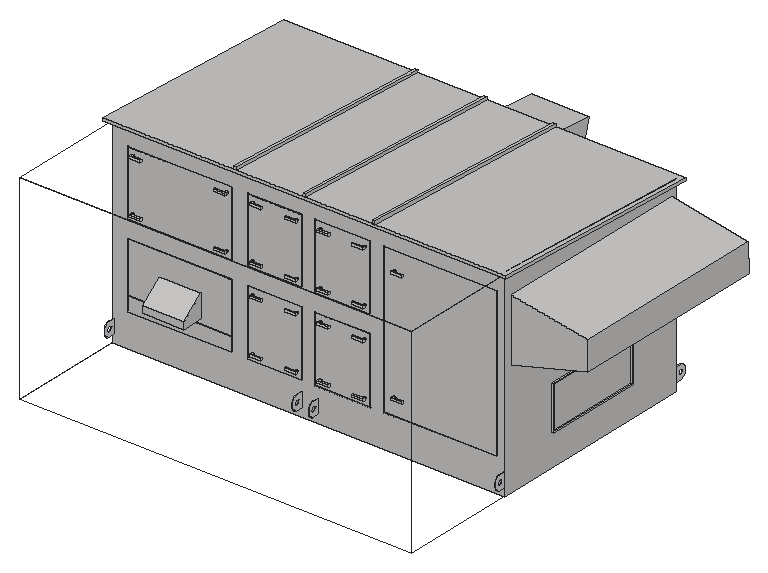
Revit family "DN-3RT-1FP-ECH", category Mechanical Equipment, Revit 2016
Family settings
  Part Type = Normal
  Round Connector Dimension = Use Diameter
  OmniClass Number = 23.75.00.00
  OmniClass Title = Climate Control (HVAC)
  Work Plane-Based = No
  Always vertical = Yes
  Cut with Voids When Loaded = No
  Shared = No
  Room Calculation Point = No
Parameters (values of type "2 @ 2.70 kW ea.")
  Voltage [instance] = "200-240 V"
  Unit Weight Range (lbs) [instance] = "3425-3950 lbs."
  Max. Shipping Weight (lbs) [instance] = "3650-4175 lbs."
  Unit Dimensions (L x W x H) [instance] = "174-7/8\" x 106-1/8\" x 75-1/8\""
  Shipping Dimensions (L x W x H) [instance] = "160\" x 90\" x 81\""
  Unit [instance] = Renewaire - Galvanized Steel
  URL = "www.renewaire.com"
  Typical Airflow Range = "750-3,300 CFM"
  Standard Features [instance] = "EC Motors for both airstreams, Direct drive backward inclined plenum, Higher ESP of up to 2.5\" w.g. at 3,000 CFM, Integrated programmable controls, True 100% face and bypass enthalpy based modulating economizer, Class 1 low leakage motorized isolation dampers, Stainless steel double-sloped drain pan with cooling option, 1\" Double wall foam injected 20 gauge galvanized panel construction with R6.5 insulation"
  Service Area Visibility [instance] = yes
  Service Area Box [instance] = Renewaire - Interference
  Revit Object Download Link [instance] = ""
  Phase [instance] = "Three"
  Options [instance] = "DX, heat pump, or chilled water cooling coil, Modulating hot gas reheat, Steam or hot water coil, gas heat module or electric heater, Onboard variable frequency drives (VFDs) - both airstreams, Fused disconnect, Spring isolators (VFDs only), 2\" Double wall foam injected 20 gauge galvanized panel construction with R13 insulation, Exterior paint - grey, white, custom color, Salt spray - 2,500 hour, BACNET factory activation, GFCI convenience outlet, Recirculation damper, Drain overflow switch, Electrofin coating for coils, Mist eliminator"
  Number Motors [instance] = "Qty. 2, Direct drive motorized impeller packages"
  Model = "DN-3RT-ECH-1FP"
  Minimum Circuit Amps [instance] = "19.4 A"
  Maximum Overcurrent Protection [instance] = "25 A"
  Manufacturer = "Renewaire LLC"
  Inlets/Outlets [instance] = "OA & RA Inlets: 36\" x 16\", SA Outlet: 24\" x 16\", EA Outlet: 20\" x 16\""
  Frequency [instance] = "50/60 Hz"
  Filters [instance] = "Total qty. 6, MERV 8: 20\" x 20\" x 2\""
  FLA per Motor [instance] = "8.6-7.2"
  Energy Recovery Type [instance] = "Static plate total energy transfer"
  Description = "Energy Recovery Ventilator"
  Accessories [instance] = "Filters - MERV 13, 2\"  and 4\" (shipped loose), MERV 14, 2\" and 4\" (shipped loose), Additional filters available upon request, Roof curb - standard 14\", Hurricane or seismic rated curbs, Curb clip kit, Carbon dioxide sensor/control - wall mount (CO2-W), duct mount (CO2-D), IAQ sensor - wall mount (IAQ-W), duct mount (IAQ-D), Motion occupancy sensor/control - ceiling mount (MC-C), wall mount (MC-W), Smoke detector, Room temperature and humidity sensor, Duct static pressure sensor with display to 10\", without display 0-2\", Room pressure sensor with display to 1\", without display 0-1\", Waterless trap negative pressure, waterless trap positive pressure, Remote display"
  AHRI 1060 Certified Core [instance] = "Three L-125-G5"
Types (6): name | Voltage | Minimum Circuit Amps | Maximum Overcurrent Protection | FLA per Motor
  (no name) | "200-240 V" | "19.4 A" | "25 A" | "8.6-7.2"
  2 @ 2.70 kW ea. | "200-240 V" | "19.4 A" | "25 A" | "8.6-7.2"
  2 @ 3.70 kW ea. | "380-480 V" | "13.5 A" | "15 A" | "6.0-4.6"
  2 @ 5HP ea. 208-230V | "208-230 V" | "31.3 A" | "45 A" | "13.9-13.4/6.7"
  2 @ 5HP ea. 460V | "460V" | "15.1 A" | "20 A" | "6.7"
  2 @ 5HP ea. 575V | "575V" | "11.9 A" | "15 A" | "5.3"
Reference planes (in)
  plane 1 "Center (Front/Back)": y = 0
  plane 2: z = 0
  plane 3 "Center (Left/Right)": x = 0
  plane 4: y = -38.6875
  plane 5: x = -70.875
Forms (in)
  Extrusion 1, solid, material "Renewaire - Galvanized Steel" <- "Unit"
    sketch origin (0, 0, 0) x (0, 1, 0) y (0, 0, 1)
      loop
        line (38.6875, 68.86392) -> (-38.6875, 72.89316) -> (-38.6875, 0) -> (38.6875, 0) -> (38.6875, 68.86392)
    from 70.875 to -70.875
  Extrusion 2, void
    sketch origin (0, 0, 2) x (1, 0, 0) y (0, 0, 1)
      loop
        line (-65.73848, 63.82394) -> (-65.73848, 39.82168) -> (-27.73849, 39.82168) -> (-27.73849, 63.82394) -> (-65.73848, 63.82394)
      loop
        line (-2.29085, 63.82394) -> (-22.29085, 63.82394) -> (-22.29085, 39.82168) -> (-2.29085, 39.82168) -> (-2.29085, 63.82394)
      loop
        line (22.23876, 63.82394) -> (2.23876, 63.82394) -> (2.23876, 39.82168) -> (22.23876, 39.82168) -> (22.23876, 63.82394)
      loop
        line (68.1547, 63.82394) -> (27.15471, 63.82394) -> (27.15471, 9.82169) -> (68.1547, 9.82169) -> (68.1547, 63.82394)
      loop
        line (-65.73848, 33.82282) -> (-65.73848, 9.82055) -> (-27.73849, 9.82055) -> (-27.73849, 33.82282) -> (-65.73848, 33.82282)
      loop
        line (-2.29085, 33.82282) -> (-22.29085, 33.82282) -> (-22.29085, 9.82055) -> (-2.29085, 9.82055) -> (-2.29085, 33.82282)
      loop
        line (22.23876, 33.82282) -> (2.23876, 33.82282) -> (2.23876, 9.82055) -> (22.23876, 9.82055) -> (22.23876, 33.82282)
    from 39.6875 to 37.6875
  Extrusion 3, solid, material "Renewaire - Galvanized Steel" <- "Unit"
    sketch origin (0, 0, 0) x (0, 1, 0) y (0, 0, 1)
      loop
        line (12.02253, 30.88417) -> (-11.97747, 30.88417) -> (-11.97747, 14.88417) -> (12.02253, 14.88417) -> (12.02253, 30.88417)
      loop
        line (11.77253, 30.63417) -> (-11.72747, 30.63417) -> (-11.72747, 15.13417) -> (11.77253, 15.13417) -> (11.77253, 30.63417)
    from -70.875 to -71.875
  Extrusion 4, solid, material "Renewaire - Galvanized Steel" <- "Unit"
    sketch origin (0, 0, 2) x (1, 0, 0) y (0, 0, 1)
      loop
        line (-65.48848, 63.57394) -> (-65.48848, 40.07168) -> (-27.98849, 40.07168) -> (-27.98849, 63.57394) -> (-65.48848, 63.57394)
      loop
        line (-22.04085, 63.57394) -> (-22.04085, 40.07168) -> (-2.54085, 40.07168) -> (-2.54085, 63.57394) -> (-22.04085, 63.57394)
      loop
        line (27.40471, 63.57394) -> (27.40471, 10.07169) -> (67.9047, 10.07169) -> (67.9047, 63.57394) -> (27.40471, 63.57394)
      loop
        line (-65.48848, 33.57282) -> (-65.48848, 15.32055) -> (-27.98849, 15.32055) -> (-27.98849, 33.57282) -> (-65.48848, 33.57282)
      loop
        line (-65.48848, 10.07055) -> (-27.98849, 10.07055) -> (-27.98849, 15.07055) -> (-65.48848, 15.07055) -> (-65.48848, 10.07055)
      loop
        line (-22.04085, 33.57282) -> (-22.04085, 10.07055) -> (-2.54085, 10.07055) -> (-2.54085, 33.57282) -> (-22.04085, 33.57282)
      loop
        line (2.48876, 63.57394) -> (2.48876, 40.07168) -> (21.98876, 40.07168) -> (21.98876, 63.57394) -> (2.48876, 63.57394)
      loop
        line (2.48876, 33.57282) -> (2.48876, 10.07055) -> (21.98876, 10.07055) -> (21.98876, 33.57282) -> (2.48876, 33.57282)
    from 38.6875 to 37.6875
  Extrusion 5, solid, material "Renewaire - Galvanized Steel" <- "Unit"
    sketch origin (0, 0, 0) x (0, 1, 0) y (0, 0, 1)
      loop
        line (-17.97746, 27.82167) -> (-17.97746, 11.82167) -> (18.02254, 11.82167) -> (18.02254, 27.82167) -> (-17.97746, 27.82167)
      loop
        line (-17.72746, 27.57167) -> (-17.72746, 12.07167) -> (17.77254, 12.07167) -> (17.77254, 27.57167) -> (-17.72746, 27.57167)
    from 71.875 to 70.875
  Extrusion 6, void
    sketch origin (0, 0, 0) x (1, 0, 0) y (0, 1, 0)
      loop
        line (-68.875, 36.6875) -> (-68.875, -36.6875) -> (68.875, -36.6875) -> (68.875, 36.6875) -> (-68.875, 36.6875)
    from -1 to 8
  Extrusion 7, void
    sketch origin (0, 0, 0) x (1, 0, 0) y (0, 1, 0)
      loop
        line (64.82319, 18.02251) -> (48.8232, 18.02251) -> (48.8232, -17.97749) -> (64.82319, -17.97749) -> (64.82319, 18.02251)
      loop
        line (-47.15629, 11.9775) -> (-63.15629, 11.9775) -> (-63.15629, -12.0225) -> (-47.15629, -12.0225) -> (-47.15629, 11.9775)
    from 4 to 8.125
  Extrusion 8, solid, material "Renewaire - Galvanized Steel" <- "Unit"
    sketch origin (0, 0, 0) x (0, 1, 0) y (0, 0, 1)
      loop
        line (40.77402, 67.99062) -> (40.82511, 68.98932) -> (-40.7343, 73.16164) -> (-40.78539, 72.16294) -> (40.77402, 67.99062)
    from -72.84099 to 72.75299
  Extrusion 9, solid, material "Renewaire - Galvanized Steel" <- "Unit"
    sketch origin (0, 0, 0) x (1, 0, 0) y (0, 0, 1)
      loop
        line (70.875, 64.44269) -> (70.875, 41.65389) -> (98.94202, 49.24372) -> (98.94202, 59.49372) -> (70.875, 64.44269)
    from -36.23016 to 36.21682
  Extrusion 10, solid, material "Renewaire - Galvanized Steel" <- "Unit"
    sketch origin (0, 0, 0) x (1, 0, 0) y (0, 0, 1)
      loop
        line (-70.875, 27.26407) -> (-75.22167, 26.09938) -> (-73.10516, 18.20047) -> (-70.875, 18.20047) -> (-70.875, 27.26407)
    from 13.86819 to 22.27834
  Extrusion 11, solid, material "Renewaire - Galvanized Steel" <- "Unit"
    sketch origin (0, 0, 0) x (0, 1, 0) y (0, 0, 1)
      loop
        line (-38.6875, 27.36287) -> (-46.3706, 21.36017) -> (-46.3706, 18.86017) -> (-38.6875, 18.86017) -> (-38.6875, 27.36287)
    from -54.17871 to -39.29871
  Extrusion 12, solid, material "Renewaire - Galvanized Steel" <- "Unit"
    sketch origin (0, 0, 0) x (0, 1, 0) y (0, 0, 1)
      loop
        line (38.6875, 64.62516) -> (38.6875, 46.19134) -> (55.10189, 46.19134) -> (59.85664, 62.7731) -> (38.6875, 64.62516)
    from 1.62724 to 22.31458
  Extrusion 13, void
    sketch origin (0, 0, 0) x (1, 0, 0) y (0, 0, 1)
      loop
        line (-2.29085, 65.82394) -> (-22.29085, 65.82394) -> (-22.29085, 41.82168) -> (-2.29085, 41.82168) -> (-2.29085, 65.82394)
      loop
        line (-2.29085, 35.82282) -> (-22.29085, 35.82282) -> (-22.29085, 11.82055) -> (-2.29085, 11.82055) -> (-2.29085, 35.82282)
    from -37.6875 to -48
  Extrusion 14, solid, material "Renewaire - Galvanized Steel" <- "Unit"
    sketch origin (0, 0, 0) x (1, 0, 0) y (0, 0, 1)
      loop
        line (-2.54085, 65.57394) -> (-22.04085, 65.57394) -> (-22.04085, 42.07168) -> (-2.54085, 42.07168) -> (-2.54085, 65.57394)
      loop
        line (-2.54085, 35.57282) -> (-22.04085, 35.57282) -> (-22.04085, 30.57282) -> (-2.54085, 30.57282) -> (-2.54085, 35.57282)
      loop
        line (-2.54085, 30.32282) -> (-22.04085, 30.32282) -> (-22.04085, 17.32055) -> (-2.54085, 17.32055) -> (-2.54085, 30.32282)
      loop
        line (-2.54085, 17.07055) -> (-22.04085, 17.07055) -> (-22.04085, 12.07055) -> (-2.54085, 12.07055) -> (-2.54085, 17.07055)
    from -38.6875 to -37.6875
  Extrusion 15, solid, material "Renewaire - Interference" <- "Service Area Box"
    sketch origin (0, 0, 0) x (1, 0, 0) y (0, 1, 0)
      loop
        line (-70.875, -38.6875) -> (-70.875, -80.6875) -> (70.875, -80.6875) -> (70.875, -38.6875) -> (-70.875, -38.6875)
    from 0 to 71.88463
  Extrusion 16, solid, material "Renewaire - Galvanized Steel" <- "Unit"
    sketch origin (0, 0, 0) x (0, 1, 0) y (0, 0, 1)
      loop
        line (40.82511, 68.98932) -> (40.8762, 69.98801) -> (-40.68321, 74.16033) -> (-40.7343, 73.16164) -> (40.82511, 68.98932)
    from 0.5 to -0.5
  Extrusion 17, solid, material "Renewaire - Galvanized Steel" <- "Unit"
    sketch origin (0, 0, 0) x (0, 1, 0) y (0, 0, 1)
      loop
        line (40.82511, 68.98932) -> (40.8762, 69.98801) -> (-40.68321, 74.16033) -> (-40.7343, 73.16164) -> (40.82511, 68.98932)
    from 24.5 to 25.5
  Extrusion 18, solid, material "Renewaire - Galvanized Steel" <- "Unit"
    sketch origin (0, 0, 0) x (0, 1, 0) y (0, 0, 1)
      loop
        line (40.82511, 68.98932) -> (40.8762, 69.98801) -> (-40.68321, 74.16033) -> (-40.7343, 73.16164) -> (40.82511, 68.98932)
    from -24.5 to -25.5
Cuts and joins
  Extrusion 2, Extrusion 6, Extrusion 7, Extrusion 13 cuts Extrusion 1
Dimensions and locks (in)
  aligned and locked: level to plane 2
  aligned and locked: cut or joined group of Extrusion 1, Extrusion 2, Extrusion 6, Extrusion 7, Extrusion 13 to Extrusion 4
  aligned and locked: Extrusion 4 to plane 4
  aligned and locked: cut or joined group of Extrusion 1, Extrusion 2, Extrusion 6, Extrusion 7, Extrusion 13 to nested 2
  aligned and locked: cut or joined group of Extrusion 1, Extrusion 2, Extrusion 6, Extrusion 7, Extrusion 13 to nested 1
  aligned and locked: Extrusion 13 to Extrusion 14
  aligned and locked: cut or joined group of Extrusion 1, Extrusion 2, Extrusion 6, Extrusion 7, Extrusion 13 to Extrusion 15 sketch curve
  aligned and locked: Extrusion 15 sketch curve to cut or joined group of Extrusion 1, Extrusion 2, Extrusion 6, Extrusion 7, Extrusion 13  (x2)
Nested families (in)
  nested 1: "Lifting Lug" at (-70.56479, -38.6875, 2.74993) x (0, -1, 0) z (0, 0, 1), Material <- "Unit", type "Lifting Lug"
    with Material Renewaire - Galvanized Steel
  nested 2: "Handle" at (-29.78191, -38.6875, 63.21643), type "Handle"
    with Right Handle no, Left Handle yes, Flip yes
  nested 3: "Lifting Lug" at (3.2892, -38.6875, 2.74993) x (0, -1, 0) z (0, 0, 1), Material <- "Unit", type "Lifting Lug"
    with Material Renewaire - Galvanized Steel
  nested 4: "Lifting Lug" at (70.7892, -38.6875, 2.74993) x (0, -1, 0) z (0, 0, 1), Material <- "Unit", type "Lifting Lug"
    with Material Renewaire - Galvanized Steel
  nested 5: "Handle" at (-29.78191, -38.6875, 44.21643), type "Handle"
    with Right Handle no, Left Handle yes, Flip yes
  nested 6: "Handle" at (-63.69507, -38.6875, 63.21643) x (-1, 0, 0) z (0, 0, 1), type "Handle"
    with Right Handle no, Left Handle yes, Flip yes
  nested 7: "Handle" at (-63.69507, -38.6875, 44.21643) x (-1, 0, 0) z (0, 0, 1), type "Handle"
    with Right Handle no, Left Handle yes, Flip yes
  nested 8: "Handle" at (-4.33426, -38.6875, 33.2153), type "Handle"
    with Right Handle no, Left Handle yes, Flip yes
  nested 9: "Handle" at (-4.33426, -38.6875, 14.2153), type "Handle"
    with Right Handle no, Left Handle yes, Flip yes
  nested 10: "Handle" at (-20.24744, -38.6875, 33.2153) x (-1, 0, 0) z (0, 0, 1), type "Handle"
    with Right Handle no, Left Handle yes, Flip yes
  nested 11: "Handle" at (-20.24744, -38.6875, 14.2153) x (-1, 0, 0) z (0, 0, 1), type "Handle"
    with Right Handle no, Left Handle yes, Flip yes
  nested 12: "Lifting Lug" at (-70.56479, 38.6875, 2.74993) x (0, 1, 0) z (0, 0, 1), Material <- "Unit", type "Lifting Lug"
    with Material Renewaire - Galvanized Steel
  nested 13: "Lifting Lug" at (3.2892, 38.6875, 2.74993) x (0, 1, 0) z (0, 0, 1), Material <- "Unit", type "Lifting Lug"
    with Material Renewaire - Galvanized Steel
  nested 14: "Lifting Lug" at (70.7892, 38.6875, 2.74993) x (0, 1, 0) z (0, 0, 1), Material <- "Unit", type "Lifting Lug"
    with Material Renewaire - Galvanized Steel
  nested 15: "Handle" at (-4.33426, 38.6875, 63.21643), type "Handle"
    with Right Handle no, Left Handle yes, Flip yes
  nested 16: "Handle" at (-4.33426, 38.6875, 44.21643), type "Handle"
    with Right Handle no, Left Handle yes, Flip yes
  nested 17: "Handle" at (-20.24744, 38.6875, 63.21643) x (-1, 0, 0) z (0, 0, 1), type "Handle"
    with Right Handle no, Left Handle yes, Flip yes
  nested 18: "Handle" at (-20.24744, 38.6875, 44.21643) x (-1, 0, 0) z (0, 0, 1), type "Handle"
    with Right Handle no, Left Handle yes, Flip yes
  nested 19: "Handle" at (-4.33426, 38.6875, 27.36287), type "Handle"
    with Right Handle no, Left Handle yes, Flip yes
  nested 20: "Handle" at (-4.33426, 38.6875, 19.9653), type "Handle"
    with Right Handle no, Left Handle yes, Flip yes
  nested 21: "Handle" at (-20.24744, 38.6875, 27.36287) x (-1, 0, 0) z (0, 0, 1), type "Handle"
    with Right Handle no, Left Handle yes, Flip yes
  nested 22: "Handle" at (-20.24744, 38.6875, 19.9653) x (-1, 0, 0) z (0, 0, 1), type "Handle"
    with Right Handle no, Left Handle yes, Flip yes
  nested 23: "Lifting Lug" at (-2.7108, -38.6875, 2.74993) x (0, -1, 0) z (0, 0, 1), Material <- "Unit", type "Lifting Lug"
    with Material Renewaire - Galvanized Steel
  nested 24: "Lifting Lug" at (-2.7108, 38.6875, 2.74993) x (0, 1, 0) z (0, 0, 1), Material <- "Unit", type "Lifting Lug"
    with Material Renewaire - Galvanized Steel
  nested 25: "Handle" at (-20.24744, -38.6875, 63.21643) x (-1, 0, 0) z (0, 0, 1), type "Handle"
    with Right Handle no, Left Handle yes, Flip yes
  nested 26: "Handle" at (-20.24744, -38.6875, 44.21643) x (-1, 0, 0) z (0, 0, 1), type "Handle"
    with Right Handle no, Left Handle yes, Flip yes
  nested 27: "Handle" at (4.28217, -38.6875, 63.21643) x (-1, 0, 0) z (0, 0, 1), type "Handle"
    with Right Handle no, Left Handle yes, Flip yes
  nested 28: "Handle" at (4.28217, -38.6875, 44.21643) x (-1, 0, 0) z (0, 0, 1), type "Handle"
    with Right Handle no, Left Handle yes, Flip yes
  nested 29: "Handle" at (4.28217, -38.6875, 33.2153) x (-1, 0, 0) z (0, 0, 1), type "Handle"
    with Right Handle no, Left Handle yes, Flip yes
  nested 30: "Handle" at (4.28217, -38.6875, 14.2153) x (-1, 0, 0) z (0, 0, 1), type "Handle"
    with Right Handle no, Left Handle yes, Flip yes
  nested 31: "Handle" at (-4.33426, -38.6875, 63.21643), type "Handle"
    with Right Handle no, Left Handle yes, Flip yes
  nested 32: "Handle" at (-4.33426, -38.6875, 44.21643), type "Handle"
    with Right Handle no, Left Handle yes, Flip yes
  nested 33: "Handle" at (20.19534, -38.6875, 63.21643), type "Handle"
    with Right Handle no, Left Handle yes, Flip yes
  nested 34: "Handle" at (20.19534, -38.6875, 44.21643), type "Handle"
    with Right Handle no, Left Handle yes, Flip yes
  nested 35: "Handle" at (20.19534, -38.6875, 33.2153), type "Handle"
    with Right Handle no, Left Handle yes, Flip yes
  nested 36: "Handle" at (20.19534, -38.6875, 14.2153), type "Handle"
    with Right Handle no, Left Handle yes, Flip yes
  nested 37: "Handle" at (30.90471, -38.6875, 59.07394) x (-1, 0, 0) z (0, 0, 1), type "Handle"
    with Right Handle no, Left Handle yes, Flip yes
  nested 38: "Handle" at (30.90471, -38.6875, 18.09892) x (-1, 0, 0) z (0, 0, 1), type "Handle"
    with Right Handle no, Left Handle yes, Flip yes
Connectors (in)
  hvac at (-71.875, 0.02253, 22.88417)
    settings: on Extrusion 3, index 1, duct flow 0 CFM, flow factor 0, pres drop 0.00 in-wg, loss coef 0, conn angle 0.00°, conn width 24", conn height 16", conn diameter 24", duct sys type 1, conn prof type 1, flow config 0, flow direction 2, loss method 0, conn ref index -1, conn util no, is conn primary yes, conn desc "Supply Air (SA)"
  hvac at (56.8232, 0.02251, 8)
    settings: on cut or joined group of Extrusion 1, Extrusion 2, Extrusion 6, Extrusion 7, Extrusion 13, index 3, duct flow 0 CFM, flow factor 0, pres drop 0.00 in-wg, loss coef 0, conn angle 0.00°, conn width 36", conn height 16", conn diameter 24", duct sys type 2, conn prof type 1, flow config 0, flow direction 1, loss method 0, conn ref index -1, conn util no, is conn primary no, conn desc "Return Air (RA)"
  hvac at (71.875, 0.02254, 19.82167)
    settings: on Extrusion 5, index 4, duct flow 0 CFM, flow factor 0, pres drop 0.00 in-wg, loss coef 0, conn angle 0.00°, conn width 36", conn height 16", conn diameter 24", duct sys type 2, conn prof type 1, flow config 0, flow direction 1, loss method 0, conn ref index -1, conn util no, is conn primary no, conn desc "Return Air (RA)"
  hvac at (-55.15629, -0.0225, 8.125)
    settings: on cut or joined group of Extrusion 1, Extrusion 2, Extrusion 6, Extrusion 7, Extrusion 13, index 5, duct flow 0 CFM, flow factor 0, pres drop 0.00 in-wg, loss coef 0, conn angle 0.00°, conn width 16", conn height 24", conn diameter 24", duct sys type 1, conn prof type 1, flow config 0, flow direction 2, loss method 0, conn ref index -1, conn util no, is conn primary no, conn desc "Supply Air (SA)"
Definition of nested family "Lifting Lug"
  Parameters (values of type "Lifting Lug")
    Material [instance] = none
  Reference planes (in)
    plane 1 "Center (Front/Back)": y = 0
    plane 2: z = 0
    plane 3 "Center (Left/Right)": x = 0
  Forms (in)
    Extrusion 1, solid
      sketch origin (0, 0, 0) x (1, 0, 0) y (0, 0, 1)
        loop
          line (0, 0.1875) -> (2, 0.1875)
          arc (2, 0.1875) -> (3.41421, 0.77329) -> (4, 2.1875) r 2
          line (4, 2.1875) -> (4, 3.1875)
          arc (4, 3.1875) -> (3.41421, 4.60171) -> (2, 5.1875) r 2
          line (2, 5.1875) -> (0, 5.1875) -> (0, 0.1875)
        loop
          circle (2.125, 2.6875) r 1
      from 0 to 0.25
  Dimensions and locks (in)
    aligned and locked: plane 2 to level
Definition of nested family "Handle"
  Parameters (values of type "Handle")
    Right Handle [instance] = not(Flip)  # no
    Material = none
    Left Handle [instance] = Flip  # yes
    Flip [instance] = yes
  Reference planes (in)
    plane 1 "Center (Front/Back)": y = 0
    plane 2: z = 0
    plane 3 "Center (Left/Right)": x = 0
  Forms (in)
    Extrusion 1, solid, material <- "Material"
      sketch origin (0, 0, 0) x (1, 0, 0) y (0, 0, 1)
        loop
          circle (0, 0) r 0.375
      from 0 to 0.75
    Extrusion 2, solid, material <- "Material", visible <- "Right Handle"
      sketch origin (0, 0, 0) x (1, 0, 0) y (0, 1, 0)
        loop
          line (-0.375, -0.75) -> (-0.375, -1.25) -> (3.625, -1.25) -> (3.625, -0.75) -> (-0.375, -0.75)
      from -0.375 to 0.375
    Extrusion 3, solid, material <- "Material", visible <- "Left Handle"
      sketch origin (-3.25, 0, 0) x (1, 0, 0) y (0, 1, 0)
        loop
          line (-0.375, -0.75) -> (-0.375, -1.25) -> (3.625, -1.25) -> (3.625, -0.75) -> (-0.375, -0.75)
      from -0.375 to 0.375
  Dimensions and locks (in)
    aligned and locked: plane 2 to level
